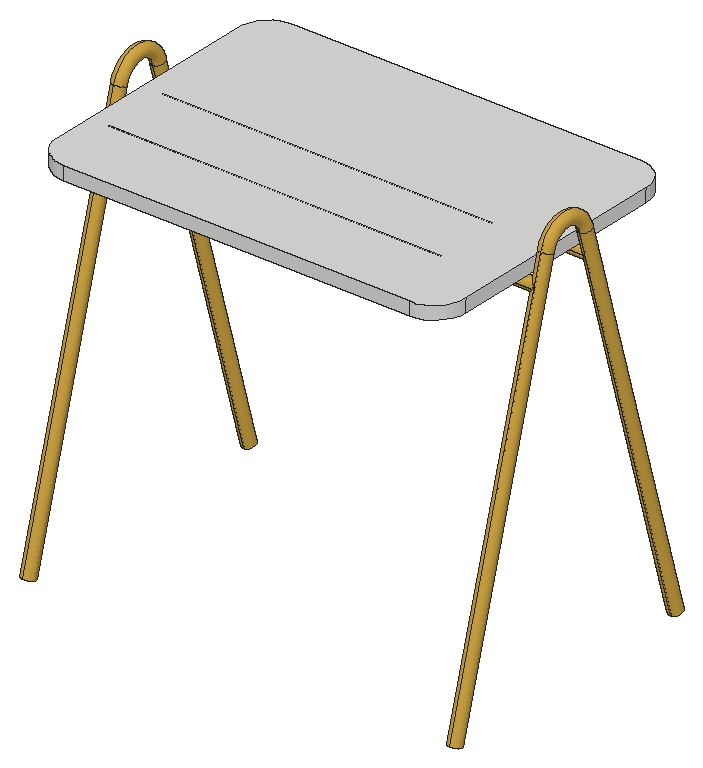
Revit family "DBLTD_TheSenatorGroup_OfficeTables_Colab_Stackable", category Furniture, Revit 2021
Family settings
  OmniClass Number = 23.40.20.00
  OmniClass Title = General Furniture and Specialties
  Work Plane-Based = No
  Always vertical = Yes
  Cut with Voids When Loaded = No
  Shared = Yes
  Room Calculation Point = No
Parameters (values of type "740mm H x 840mm W x 550mm D")
  WorktopMaterial = DBLTD_TheSenatorGroup_Wood_LightGrey
  WorksurfaceArea = NominalWidth * NominalDepth  # 0.462 m²
  WarrantyStartDate [instance] = " "
  WarrantyGuarantorParts = "https://www.thesenatorgroup.com/"
  WarrantyGuarantorLabor = "https://www.thesenatorgroup.com/"
  WarrantyDurationUnit = "years"
  WarrantyDurationParts = "5"
  WarrantyDurationLabor = "5"
  WarrantyDescription = "The Senator Group warrants that its manufactured products are free from manufacturing defects - in materials or workmanship - for a period of five (5) years.\r\nAllermuir will repair, or replace (at Allermuir’s sole discretion) with comparable free of charge materials/ components, any product/ component which fails under normal use in a single shift environment, as a result of a defect in the materials and/or workmanship.\r\n\r\nExceptions -\r\nNon-standard product - 2 years\r\nScreen-mounted Accessories/ Dry-wipe Boards - 2 years\r\nElectrical and/or electronic componentry - 2 years\r\n\r\nExclusions - Allermuir does not warrant:\r\nFailure due to normal “Wear and Tear”.\r\nNatural variations in appearance of wood - its grain, figure and colour.\r\nChanges in surface appearance resulting from exposure to light, and the natural ageing process of wood.\r\nChanges in surface appearance resulting from the misuse of cleaning materials and methods/ damage form sharp objects/ imprinting from writing implements.\r\nNatural variations in Leather - its marks, scars and wrinkles.\r\nProduct stored/ exposed to extreme operational conditions.\r\nConsumable components such as Fuses/ Lights/ lamps/ transformers/etc.\r\nOther Manufacturer’s product supplied by Allermuir (their own warranty shall apply where possible).\r\nNon-standard fabrics/ finishes or veneers used. Allermuir only checks the manufacturing quality of Customer’s\r\nOwn Material (COM) and provides no warranty for the finish/ fabric itself.\r\nProduct which has not been installed/ moved/ reconfigured by Allermuir approved personnel.\r\nAllermuir shall be under no liability whatsoever for any consequential damage, loss or other expenses whether arising out of contract, negligence or otherwise."
  Version = "1"
  Uniclass2015Version = "Products v1.15"
  Uniclass2015Title = "Office tables"
  Uniclass2015Code = "Pr_40_50_21_60"
  URL = "https://www.thesenatorgroup.com/"
  Type Comments = ModelReference  # "740mm H x 840mm W x 550mm D"
  TagNumber [instance] = " "
  SustainabilityPerformance = "n/a"
  Size = "740 x 840 x 550 mm"
  Shape = "Rectangular"
  SerialNumber [instance] = " "
  Revision = ""
  ReplacementCost = "n/a"
  ProductInformation = "https://www.senator.online/en/Ranges/colab-tables"
  NumberOfChairs = 0
  NominalWidth = 840 mm
  NominalHeight [instance] = 740 mm
  NominalDepth = 550 mm
  Name = "Table"
  ModelReference = "740mm H x 840mm W x 550mm D"
  ModelNumber = "CBSTK"
  Model = ModelNumber  # "CBSTK"
  Material = "Frame: Metal. Top: 25mm MFC"
  ManufacturerURL = "https://www.thesenatorgroup.com/"
  ManufacturerName = "The Senator Group"
  Keynote = Category  # "Pr_40_50_21_60 Office tables"
  InstallationDate [instance] = " "
  Grade = "n/a"
  FrameMaterial [instance] = DBLTD_TheSenatorGroup_Metal_HoneyYellow
  Finish = Color  # "Frame; Honey Yellow | Forest Green | Smoke Grey | Ocean Blue. Top; UM Urban Maple | WH White | WK Winter Oak | SO Strata Oak | LY Clay | CW Carini Walnut | AT Autumn | BH Beech | HD Highland Oak | DN Denim | LG Light Grey"
  Features = "Stacking Table stacks 5no high"
  ExpectedLife = "5"
  DurationUnit = "years"
  Cost = 0
  Constituents = "Frame, Top"
  Color = "Frame; Honey Yellow | Forest Green | Smoke Grey | Ocean Blue. Top; UM Urban Maple | WH White | WK Winter Oak | SO Strata Oak | LY Clay | CW Carini Walnut | AT Autumn | BH Beech | HD Highland Oak | DN Denim | LG Light Grey"
  CodePerformance = "n/a"
  Category = "Pr_40_50_21_60 Office tables"
  Manufacturer = ManufacturerName  # "The Senator Group"
  Description = ModelReference  # "740mm H x 840mm W x 550mm D"
  Default Elevation = 0 mm
  BarCode [instance] = " "
  Author = "Diane Butterworth Ltd"
  AssetType = "Movable"
  AssetIdentifier [instance] = " "
  Assembly Code = "E2020200"
  AccessibilityPerformance = "n/a"
Reference planes
  plane 1 "Center (Front/Back)": y = 0
  plane 2: z = 0
  plane 3 "Center (Left/Right)": x = 0
  plane 4: z = 740
  plane 5: z = 715
  plane 6: x = -420
  plane 7: x = 420
  plane 8: y = 275
  plane 9: y = -275
  plane 10: x = -407.5
  plane 11: x = 407.5
Forms (mm)
  Extrusion 1, solid, material "DBLTD_TheSenatorGroup_Wood_LightGrey" <- "WorktopMaterial"
    sketch origin (0, 0, 0) x (1, 0, 0) y (0, 1, 0)
      loop
        arc (-330, 275) -> (-372.426, 257.426) -> (-390, 215) r 60
        line (-390, 215) -> (-390, -215)
        arc (-390, -215) -> (-372.426, -257.426) -> (-330, -275) r 60
        line (-330, -275) -> (330, -275)
        arc (330, -275) -> (372.426, -257.426) -> (390, -215) r 60
        line (390, -215) -> (390, 215)
        arc (390, 215) -> (372.426, 257.426) -> (330, 275) r 60
        line (330, 275) -> (-330, 275)
    from 715 to 740
  Extrusion 2, solid, material "DBLTD_TheSenatorGroup_Metal_HoneyYellow" <- "FrameMaterial"
    sketch origin (0, 0, 0) x (0, 1, 0) y (0, 0, 1)
      loop
        circle (62.996, 699.4) r 11.25
      loop
        circle (-62.996, 699.4) r 11.25
    from -407.5 to 407.5
  Sweep 3, solid, material "DBLTD_TheSenatorGroup_Metal_HoneyYellow" <- "FrameMaterial"
    path origin (-407.5, 0, 0) x (0, 1, 0) y (0, 0, 1)
      loop
        line (251.022, -1.551) -> (34.834, 749.039)
        arc (34.834, 749.039) -> (0, 775.256) -> (-34.834, 749.039) r 36.25
        line (-34.834, 749.039) -> (-251.022, -1.551)
    profile origin (-407.5, 142.928, 373.744) x (0, -0.960935, -0.276772) y (1, 0, 0)
      loop
        circle (-12.5, 0) r 12.5
  Sweep 4, solid, material "DBLTD_TheSenatorGroup_Metal_HoneyYellow" <- "FrameMaterial"
    path origin (407.5, 0, 0) x (0, 1, 0) y (0, 0, -1)
      loop
        line (251.022, 1.551) -> (34.834, -749.039)
        arc (34.834, -749.039) -> (0, -775.256) -> (-34.834, -749.039) r 36.25
        line (-34.834, -749.039) -> (-251.022, 1.551)
    profile origin (407.5, 142.928, 373.744) x (0, 0.960935, 0.276772) y (-1, 0, 0)
      loop
        circle (12.5, 0) r 12.5
  Extrusion 5, solid, material "DBLTD_TheSenatorGroup_Metal_HoneyYellow" <- "FrameMaterial"
    sketch origin (0, 0, 0) x (0, 1, 0) y (0, 0, 1)
      loop
        line (189.924, 715) -> (-189.924, 715) -> (-85.427, 687) -> (85.427, 687) -> (189.924, 715)
    from 222.499 to 272.5
  Extrusion 6, void
    sketch origin (0, 0, 0) x (1, 0, 0) y (0, 0, 1)
      loop
        line (225.499, 687) -> (269.5, 687) -> (269.5, 712) -> (225.499, 712) -> (225.499, 687)
    from -275 to 275
  Extrusion 7, solid, material "DBLTD_TheSenatorGroup_Metal_HoneyYellow" <- "FrameMaterial"
    sketch origin (0, 0, 0) x (0, 1, 0) y (0, 0, -1)
      loop
        line (189.924, -715) -> (85.427, -687) -> (-85.427, -687) -> (-189.924, -715) -> (189.924, -715)
    from 222.499 to 272.5
  Extrusion 8, void
    sketch origin (0, 0, 0) x (-1, 0, 0) y (0, 0, -1)
      loop
        line (225.499, -687) -> (225.499, -712) -> (269.5, -712) -> (269.5, -687) -> (225.499, -687)
    from -275 to 275
Cuts and joins
  Extrusion 6, Extrusion 8 cuts Extrusion 5
  Extrusion 8 cuts Extrusion 7
Dimensions and locks
  "NominalHeight": plane 4 to level
  plane 4 to plane 5 = 25 mm
  equal spacing: plane 6, plane 3 "Center (Left/Right)", plane 7
  equal spacing: plane 8, plane 1 "Center (Front/Back)", plane 9
  "NominalWidth": plane 6 to plane 7
  "NominalDepth": plane 8 to plane 9
  aligned and locked: level to plane 2
  aligned and locked: Extrusion 1 sketch curve to plane 8
  aligned and locked: plane 9 to Extrusion 1 sketch curve
  aligned and locked: plane 4 to Extrusion 1
  aligned and locked: Extrusion 1 to plane 5
Automatic sketch dimensions
  plane 10 to Extrusion 1 sketch curve = 17.5 mm
  plane 10 to Extrusion 1 sketch curve = 77.5 mm
  Extrusion 1 sketch curve to plane 8 = 60 mm
  plane 11 to Extrusion 1 sketch curve = 77.5 mm  (x2)
  plane 11 to Extrusion 1 sketch curve = 17.5 mm
  Extrusion 2 sketch curve to plane 5 = 15.6 mm  (x2)
  plane 1 "Center (Front/Back)" to Extrusion 2 sketch curve = 62.996 mm
  Extrusion 2 sketch curve to plane 1 "Center (Front/Back)" = 62.996 mm
  Sweep 3 sketch curve to plane 1 "Center (Front/Back)" = 0 mm
  plane 4 to Sweep 3 sketch curve = 9.039 mm  (x2)
  plane 1 "Center (Front/Back)" to Sweep 3 sketch curve = 34.834 mm
  Sweep 3 sketch curve to plane 4 = 0.994 mm
  Sweep 3 sketch curve to level = 1.551 mm  (x2)
  plane 9 to Sweep 3 sketch curve = 23.978 mm
  Sweep 3 sketch curve to plane 8 = 23.978 mm
  Sweep 3 sketch curve to profile plane = 0 mm
  profile plane to Sweep 3 sketch curve = 12.5 mm
  Sweep 4 sketch curve to plane 1 "Center (Front/Back)" = 0 mm
  plane 4 to Sweep 4 sketch curve = 9.039 mm  (x2)
  plane 1 "Center (Front/Back)" to Sweep 4 sketch curve = 34.834 mm
  Sweep 4 sketch curve to plane 4 = 0.994 mm
  Sweep 4 sketch curve to level = 1.551 mm  (x2)
  plane 9 to Sweep 4 sketch curve = 23.978 mm
  Sweep 4 sketch curve to plane 8 = 23.978 mm
  Sweep 4 sketch curve to profile plane = 0 mm
  Sweep 4 sketch curve to profile plane = 12.5 mm
  Extrusion 5 sketch curve to plane 5 = 0 mm
  plane 9 to Extrusion 5 sketch curve = 85.076 mm
  Extrusion 5 sketch curve to plane 5 = 28 mm
  plane 1 "Center (Front/Back)" to Extrusion 5 sketch curve = 85.427 mm
  Extrusion 5 sketch curve to plane 1 "Center (Front/Back)" = 85.427 mm
  Extrusion 5 sketch curve to plane 8 = 85.076 mm
  Extrusion 6 sketch curve to plane 5 = 3 mm
  plane 11 to Extrusion 6 sketch curve = 182.001 mm
  Extrusion 6 sketch curve to Extrusion 6 sketch curve = 44 mm
  Extrusion 6 sketch curve to Extrusion 6 sketch curve = 25 mm
  Extrusion 7 sketch curve to plane 5 = 0 mm
  plane 9 to Extrusion 7 sketch curve = 85.076 mm
  Extrusion 7 sketch curve to plane 5 = 28 mm
  plane 1 "Center (Front/Back)" to Extrusion 7 sketch curve = 85.427 mm
  Extrusion 7 sketch curve to plane 1 "Center (Front/Back)" = 85.427 mm
  Extrusion 7 sketch curve to plane 8 = 85.076 mm
  Extrusion 8 sketch curve to plane 5 = 3 mm
  plane 10 to Extrusion 8 sketch curve = 182.001 mm
  Extrusion 8 sketch curve to Extrusion 8 sketch curve = 44 mm
  Extrusion 8 sketch curve to Extrusion 8 sketch curve = 25 mm
  radius of Extrusion 2 sketch curve = 11.25 mm  (x2)
  radius of Sweep 3 sketch curve = 12.5 mm
  radius of Sweep 4 sketch curve = 12.5 mm
